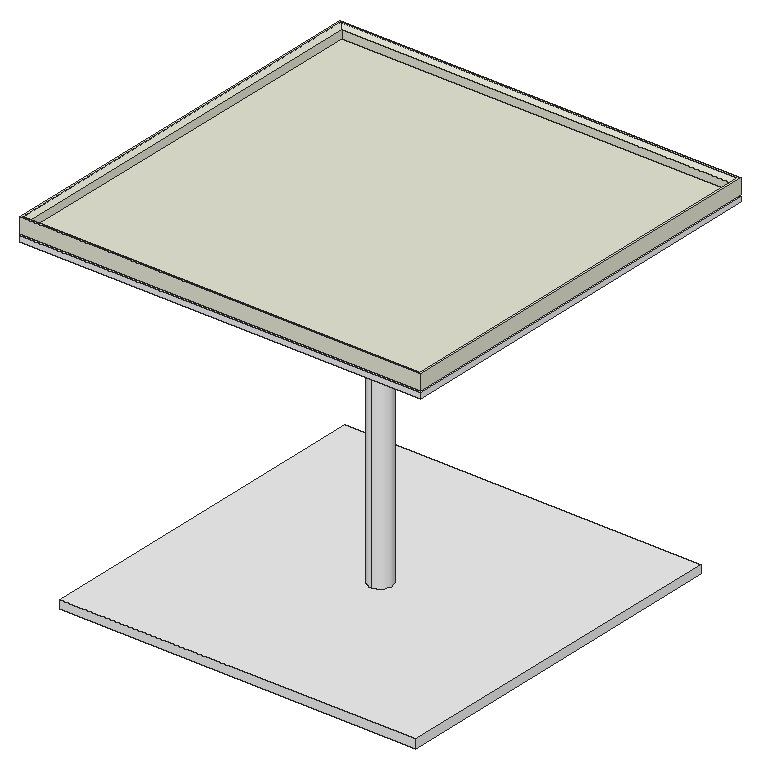
Revit family
Parameters (values of type "Tray Top (16")")
  Width = 1' - 6"  # constant formula
  URL = "http://elanbydecca.com/"
  Tray Top = yes
  Top [instance] = Furniture - DECCA (Elan) - Plateau - Tray Top
  Solid Top = no
  Base [instance] = Furniture - DECCA (Elan) - Plateau - Base
  Product URL = "http://elanbydecca.com/PDFs/elan_tearsheet-plateau.pdf"
  Model = "DG ST220"
  Manufacturer = "Decca Contract"
  Height = 1' - 4"
  Description = "Plateau Side Table"
  Depth = 1' - 6"  # constant formula
  Assembly Description = "Furniture & Accessories"
  Assembly Code = "E2020200"
Types (5): name | Tray Top | Solid Top | Model | Height
  (no name) | yes | no | "DG ST220" | 1' - 4"
  Tray Top (16") | yes | no | "DG ST220" | 1' - 4"
  Tray Top (22") | yes | no | "DG ST225" | 1' - 10"
  Solid Top (16") | no | yes | "DG ST220" | 1' - 4"
  Solid Top (22") | no | yes | "DG ST225" | 1' - 10"
Reference planes (in)
  plane 1 "Center Front/Back": y = -0.7524
  plane 2: z = 0
  plane 3 "Center Left/Right": x = 0
  plane 4 "L": x = -9
  plane 5 "R": x = 9
  plane 6 "F": y = -9.7524
  plane 7: y = 8.2476
  plane 8: through (-6.25338, 2.33237, 23.38953) normal (0.4297, -0.4297, 0.7941)
  plane 9: z = 16
  plane 10: x = -8
  plane 11: x = 8
  plane 12: y = 7.2476
  plane 13: y = -8.7524
  plane 14: z = 0.125
  plane 15: z = 0.5
  plane 16: z = 15
  plane 17: z = 15.23437
  plane 18 "TB": z = 15.3125
  plane 19: z = 15.46875
  plane 20: x = -8.91971
Forms (in)
  Extrusion 1, solid, material "Furniture - DECCA (Elan) - Plateau - Base" <- "Base"
    sketch origin (0, 0, 8.32075) x (0, -1, 0) y (1, 0, 0)
      loop
        line (-7.2476, -8) -> (8.7524, -8) -> (8.7524, 8) -> (-7.2476, 8) -> (-7.2476, -8)
    from -8.19575 to -7.82075
  Extrusion 2, solid, material "Furniture - DECCA (Elan) - Plateau - Base" <- "Base"
    sketch origin (0, 0, 8.32075) x (0, -1, 0) y (1, 0, 0)
      loop
        circle (0.7524, 0) r 0.5
    from -7.82075 to 6.67925
  Extrusion 3, solid, material "Furniture - DECCA (Elan) - Plateau - Base" <- "Base"
    sketch origin (0, 0, 8.32075) x (0, -1, 0) y (1, 0, 0)
      loop
        line (-8.2476, -9) -> (9.7524, -9) -> (9.7524, 9) -> (-8.2476, 9) -> (-8.2476, -9)
    from 6.67925 to 6.91363
  Extrusion 4, solid, material "Furniture - DECCA (Elan) - Plateau - Base" <- "Base"
    sketch origin (0, 0, 8.32075) x (0, -1, 0) y (1, 0, 0)
      loop
        line (-8.1226, -8.875) -> (9.6274, -8.875) -> (9.6274, 8.875) -> (-8.1226, 8.875) -> (-8.1226, -8.875)
    from 6.91363 to 6.99175
  Extrusion 5, solid, material "Furniture - DECCA (Elan) - Plateau - Base" <- "Base"
    sketch origin (0, 0, 8.32075) x (0, -1, 0) y (1, 0, 0)
      loop
        circle (0.7524, -7.24757) r 0.25
      loop
        circle (0.7524, 7.24757) r 0.25
      loop
        circle (7.99997, 0) r 0.25
      loop
        circle (-6.49517, 0) r 0.25
    from -8.32075 to -8.19575
  Extrusion 6, solid, material "Furniture - DECCA (Elan) - Plateau - Tray Top" <- "Top", visible <- "Solid Top"
    sketch origin (0, 0, 8.32075) x (0, -1, 0) y (1, 0, 0)
      loop
        line (-8.2476, -9) -> (9.7524, -9) -> (9.7524, 9) -> (-8.2476, 9) -> (-8.2476, -9)
    from 6.99175 to 7.67925
  Sweep 7, solid, material "Furniture - DECCA (Elan) - Plateau - Tray Top" <- "Top", visible <- "Tray Top"
    path origin (0, 0, 15.3125) x (-1, 0, 0) y (0, -1, 0)
      loop
        line (8, -7.2476) -> (8, 8.7524) -> (-8, 8.7524) -> (-8, -7.2476) -> (8, -7.2476)
    profile origin (-8, -0.7524, 15.3125) x (1, 0, 0) y (0, 0, 1)
      loop
        line (-1, 0) -> (0, 0) -> (0, 0.15625) -> (-0.75, 0.15625) -> (-0.75, 0.5) -> (-0.9375, 0.6875) -> (-1, 0.6875) -> (-1, 0)
  Extrusion 8, solid, material "Furniture - DECCA (Elan) - Plateau - Tray Top" <- "Top", visible <- "Tray Top"
    sketch origin (0, 0, 15.3125) x (-1, 0, 0) y (0, -1, 0)
      loop
        line (8, -7.2476) -> (8, 8.7524) -> (-8, 8.7524) -> (-8, -7.2476) -> (8, -7.2476)
    from 0 to 0.15625
Cuts and joins
  joined: Extrusion 1, Extrusion 2, Extrusion 3, Extrusion 4, Extrusion 5
  joined: Sweep 7, Extrusion 8
Dimensions and locks (in)
  equal spacing: plane 4 "L", plane 3 "Center Left/Right", plane 5 "R"
  equal spacing: plane 7, plane 1 "Center Front/Back", plane 6 "F"
  "Width": plane 4 "L" to plane 5 "R"
  "Depth": plane 7 to plane 6 "F"
  "Height": plane 9 to level
  locked: plane 10 to plane 4 "L" at 1
  locked: plane 11 to plane 5 "R" at 1
  locked: plane 7 to plane 12 at 1
  locked: plane 13 to plane 6 "F" at 1
  plane 15 to plane 14 to level = 0' - 0 3/8" locked, 0' - 0 1/8" locked
  plane 9 to plane 18 "TB" to plane 17 to plane 16 = 0' - 0 11/16" locked, 0' - 0 5/64" locked, 0' - 0 15/64" locked
  locked: plane 19 to plane 18 "TB" at 0.15625
  aligned and locked: plane 14 to Extrusion 1
  aligned and locked: Extrusion 1 to plane 15
  aligned and locked: plane 15 to Extrusion 2
  aligned and locked: plane 17 to Extrusion 3
  aligned and locked: Extrusion 3 to plane 16
  aligned and locked: plane 16 to Extrusion 2
  aligned and locked: Extrusion 4 to plane 17
  aligned and locked: plane 18 "TB" to Extrusion 4
  aligned and locked: Extrusion 5 to level
  aligned and locked: Extrusion 5 to plane 14
  aligned and locked: plane 9 to Extrusion 6
  aligned and locked: Extrusion 6 to plane 18 "TB"
  aligned and locked: Sweep 7 sketch curve to plane 10
  aligned and locked: Sweep 7 sketch curve to plane 12
  aligned and locked: plane 13 to Sweep 7 sketch curve
  aligned and locked: plane 11 to Sweep 7 sketch curve
  aligned and locked: Extrusion 8 to plane 18 "TB"
  aligned and locked: plane 19 to Extrusion 8
Automatic sketch dimensions
  plane 1 "Center Front/Back" to Extrusion 2 sketch curve = 0' - 0"
  Extrusion 2 sketch curve to plane 3 "Center Left/Right" = 0' - 0"
  Extrusion 5 sketch curve to plane 3 "Center Left/Right" = 0' - 0"  (x2)
  plane 1 "Center Front/Back" to Extrusion 5 sketch curve = 0' - 0"  (x2)
  Extrusion 5 sketch curve to plane 12 = 0' - 0.75243"
  Extrusion 5 sketch curve to plane 13 = 0' - 0.75243"
  plane 10 to Extrusion 5 sketch curve = 0' - 0.75243"
  plane 11 to Extrusion 5 sketch curve = 0' - 0.75243"
  Extrusion 1 sketch curve to plane 11 = 0' - 0"
  Extrusion 1 sketch curve to plane 12 = 0' - 0"
  Extrusion 1 sketch curve to plane 10 = 0' - 0"
  plane 13 to Extrusion 1 sketch curve = 0' - 0"
  plane 7 to Extrusion 3 sketch curve = 0' - 0"
  Extrusion 3 sketch curve to plane 6 "F" = 0' - 0"
  Extrusion 3 sketch curve to plane 4 "L" = 0' - 0"
  Extrusion 3 sketch curve to plane 5 "R" = 0' - 0"
  plane 5 "R" to Extrusion 4 sketch curve = 0' - 0 1/8"
  plane 6 "F" to Extrusion 4 sketch curve = 0' - 0 1/8"
  plane 4 "L" to Extrusion 4 sketch curve = 0' - 0 1/8"
  Extrusion 4 sketch curve to plane 7 = 0' - 0 1/8"
  plane 7 to Extrusion 6 sketch curve = 0' - 0"
  Extrusion 6 sketch curve to plane 6 "F" = 0' - 0"
  Extrusion 6 sketch curve to plane 4 "L" = 0' - 0"
  Extrusion 6 sketch curve to plane 5 "R" = 0' - 0"
  Sweep 7 sketch curve to plane 18 "TB" = 0' - 0"
  profile plane to Sweep 7 sketch curve = 0' - 1"
  plane 18 "TB" to Sweep 7 sketch curve = 0' - 0 5/32"
  Sweep 7 sketch curve to Sweep 7 sketch curve = 0' - 0 3/16"  (x2)
  Sweep 7 sketch curve to profile plane = 0' - 0"
  Sweep 7 sketch curve to Sweep 7 sketch curve = 0' - 0 11/32"
  Sweep 7 sketch curve to Sweep 7 sketch curve = 0' - 0 1/16"
  plane 13 to Extrusion 8 sketch curve = 0' - 0"
  Extrusion 8 sketch curve to plane 12 = 0' - 0"
  Extrusion 8 sketch curve to plane 11 = 0' - 0"
  Extrusion 8 sketch curve to plane 10 = 0' - 0"
  radius of Extrusion 2 sketch curve = 0' - 0 1/2"
  radius of Extrusion 5 sketch curve = 0' - 0 1/4"  (x4)
